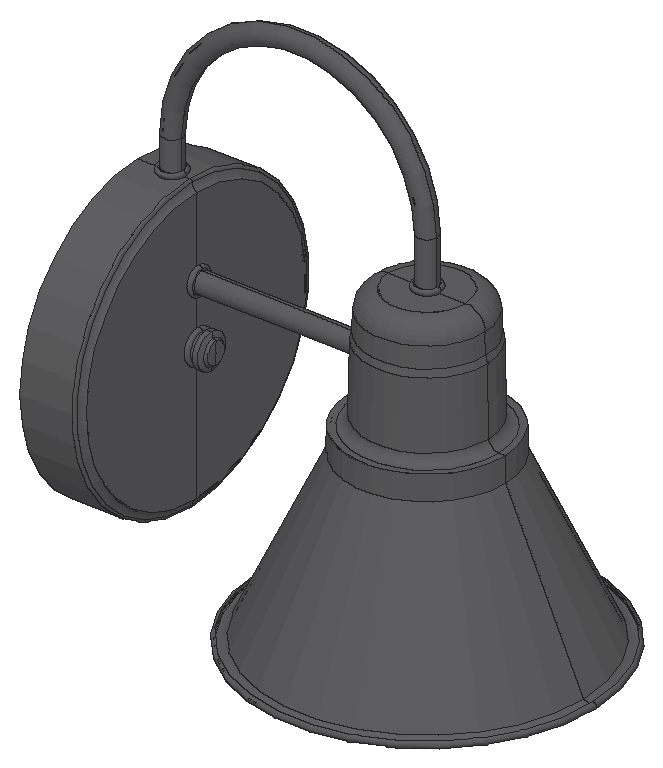
Revit family "Mini Wall Mount 1927 -8 LED", category Lighting Fixtures, Revit 2020
Family settings
  Round Connector Dimension = Use Diameter
  Part Type = Normal
  OmniClass Number = 23.80.70.00
  OmniClass Title = Lighting
  Work Plane-Based = No
  Always vertical = Yes
  Cut with Voids When Loaded = No
  Light Source = Yes
  Shared = No
  Room Calculation Point = No
Parameters (values of type "WM1927")
  Weight = "4.0 lbs"
  Wattage Comments = "9W"
  Wattage = 0.68 W
  Warranty = "5 year limited warranty"  # constant formula
  WM1927 = yes
  built-in parameter 1150110 = 1 (stored number, unit not read)
  Voltage = 277 V
  URL = "https://www.anplighting.com/assets/Uploads/product-attachments/specification-sheets/ANP-Specification-Sheet-RLM-LED-WM1927.pdf"
  built-in parameter 1114217 = 1 (stored number, unit not read)
  Tilt Angle = 90.00°
  built-in parameter 1150109 = 1 (stored number, unit not read)
  built-in parameter 1150134 = 12
  built-in parameter 1150113 = 1 (stored number, unit not read)
  Power Factor = 1
  Placement X axis side [instance] = 0' - 7 3/8"  # constant formula
  Photometric Web File = "generic.ies"
  Model = "WM1927"
  Manufacturer = "ANP Lighting"  # constant formula
  built-in parameter 1150105 = 67.641 (stored number, unit not read)
  Lumens = 850 lm
  built-in parameter 1150115 = 1 (stored number, unit not read)
  Load Classification = Lighting
  Light Source Height [instance] = 0' - 4 11/16"  # constant formula
  built-in parameter 1150137 = (empty or 0)
  built-in parameter 1150139 = (empty or 0)
  Light Elevation _2 [instance] = 0' - 1 137/256"  # constant formula
  Light Elevation _1 [instance] = 0' - 0 7/8"  # constant formula
  Light Elevation [instance] = 0' - 0"  # constant formula
  built-in parameter 1150112 = 1 (stored number, unit not read)
  built-in parameter 1150114 = 1 (stored number, unit not read)
  Lamp = "LED"
  built-in parameter 1150132 = 2
  built-in parameter 1150102 = (empty or 0)
  built-in parameter 1150107 = 4000 (stored number, unit not read)
  built-in parameter 1150138 = (empty or 0)
  built-in parameter 1150106 = 0.67641 (stored number, unit not read)
  INSIDE BODY = INSIDE BODY
  Fixture Height = 1' - 0 7/8"
  Fixture Diameter = 0' - 11 3/4"
  built-in parameter 1150104 = 116.13 (stored number, unit not read)
  Dimming Lamp Color Temperature Shift = <None>
  Description = "120-277 Voltage"  # constant formula
  Default Elevation = 0' - 0"
  Construction Material = "Heavy Duty spun aluminum."  # constant formula
  Color Filter = 16777215
  Bulb = Bulb
  Body Material = body
  Body Colour = "Spun aluminium"  # constant formula
  built-in parameter 1114218 = 1 (stored number, unit not read)
  built-in parameter 1150133 = 10 (stored number, unit not read)
  Apparent Load = 9 VA
Reference planes (in)
  plane 1 "Light Source Axis (F/B)": y = 0
  plane 2: z = 0
  plane 3 "Light Source Axis (L/R)": x = 0
  plane 4 "Light Source Elevation": z = 0
  plane 5: z = 0
  plane 6: x = 7.375
  plane 7 "Bulb Position": z = -1.53516
  plane 8 "Canopy Position": z = -0.875
  plane 9 "IES": z = -6.22266
Dimensions and locks (in)
  "Light Elevation": plane 5 to plane 2
  "Placement X axis side": plane 6 to plane 3 "Light Source Axis (L/R)"
  "Light Elevation _2": plane 5 to plane 7 "Bulb Position"
  "Light Elevation _1": plane 5 to plane 8 "Canopy Position"
  "Light Source Height": plane 7 "Bulb Position" to plane 9 "IES"
  locked: plane 4 "Light Source Elevation" to plane 2
  aligned and locked: level to plane 2
  aligned and locked: imposter light to plane 9 "IES"
  aligned and locked: plane 6 to imposter light
  aligned and locked: plane 5 to nested 1
  aligned and locked: plane 3 "Light Source Axis (L/R)" to nested 1
Nested families (in)
  nested 1: "WM1927" at (0, 0, -12.5502) x (-1, 0, 0) z (0, 0, 1), visible <- "WM1927", type "WM1927"
Definition of nested family "WM1927"
  Parameters (values of type "WM1927")
    WM1927 = none
    WM1925 = yes
    Default Elevation = 0' - 0"
  Reference planes (in)
    plane 1 "Center (Front/Back)": y = 0
    plane 2: z = 0
    plane 3 "Center (Left/Right)": x = 0
  Forms (in)
    Revolve 1, solid, material <- "WM1927", visible <- "WM1925"
      sketch origin (0, 0, 0) x (1, 0, 0) y (0, 0, 1)
        loop
          arc (-8.35961, 12.2377) -> (-8.7073, 12.09703) -> (-8.85934, 11.75417) r 0.5
          line (-8.85934, 11.75417) -> (-8.87635, 11.2377) -> (-8.92323, 11.0502) -> (-8.95276, 9.35834)
          arc (-8.95276, 9.35834) -> (-9.0275, 9.18439) -> (-9.20272, 9.1127) r 0.25
          line (-9.20272, 9.1127) -> (-9.37635, 9.1127) -> (-9.38726, 8.4877) -> (-11.37635, 4.26895)
          arc (-11.37635, 4.26895) -> (-11.48451, 4.19951) -> (-11.61073, 4.1752) r 0.33984
          arc (-11.61073, 4.1752) -> (-11.62635, 4.19083) -> (-11.61073, 4.20645) r 0.01562
          line (-11.61073, 4.20645) -> (-11.61073, 4.26895)
          arc (-11.61073, 4.26895) -> (-11.68885, 4.19083) -> (-11.61073, 4.1127) r 0.07812
          arc (-11.61073, 4.1127) -> (-11.45568, 4.14378) -> (-11.32458, 4.2322) r 0.40234
          line (-11.32458, 4.2322) -> (-9.32501, 8.47319) -> (-9.31494, 9.0502) -> (-9.20272, 9.0502)
          arc (-9.20272, 9.0502) -> (-8.98369, 9.13981) -> (-8.89027, 9.35725) r 0.3125
          line (-8.89027, 9.35725) -> (-8.86086, 11.04197) -> (-8.81411, 11.229) -> (-8.79687, 11.75211)
          arc (-8.79687, 11.75211) -> (-8.66384, 12.05211) -> (-8.35961, 12.1752) r 0.4375
          line (-8.35961, 12.1752) -> (-7.60961, 12.1752) -> (-7.60961, 12.2377) -> (-8.35961, 12.2377)
        axis (-7.37635, 4.1127) -> (-7.37635, 12.2377)
      angle from 0 to 360
    Sweep 2, solid, material <- "WM1927", visible <- "WM1925"
      path in 3D
        loop
          line (-7.37635, 0, 12.2377) -> (-7.37635, 0, 13.4877)
          arc (-7.37635, 0, 13.4877) -> (-4.12635, 0, 16.7377) -> (-0.87635, 0, 13.4877) r 3.25
          line (-0.87635, 0, 13.4877) -> (-0.87635, 0, 12.2377)
      profile origin (-4.12635, 0, 16.7377) x (0, 0, 1) y (0, -1, 0)
        loop
          circle (0, 0) r 0.25
        loop
          circle (0, 0) r 0.1875
    Revolve 3, solid, material <- "WM1927", visible <- "WM1925"
      sketch origin (0, 0, 0) x (1, 0, 0) y (0, 0, 1)
        loop
          line (-5.6875, 10.6127) -> (-5.6875, 10.64797)
          arc (-5.6875, 10.64797) -> (-5.75, 10.71047) -> (-5.8125, 10.64797) r 0.0625
          line (-5.8125, 10.64797) -> (-5.8125, 10.5502) -> (-1.5, 10.5502) -> (-1.5, 10.64797)
          arc (-1.5, 10.64797) -> (-1.5625, 10.71047) -> (-1.625, 10.64797) r 0.0625
          line (-1.625, 10.64797) -> (-1.625, 10.6127) -> (-5.6875, 10.6127)
        axis (-1.5, 10.3627) -> (-5.8125, 10.3627)
      angle from 0 to 360
    Revolve 4, solid, material <- "WM1927", visible <- "WM1925"
      sketch origin (0, 0, 0) x (1, 0, 0) y (0, 0, 1)
        loop
          line (-1.5, 8.8627) -> (-1.4375, 8.8627) -> (-1.4375, 12.33006)
          arc (-1.4375, 12.33006) -> (-1.35282, 12.42766) -> (-1.31188, 12.5502) r 0.33157
          line (-1.31188, 12.5502) -> (0, 12.5502) -> (0, 12.6127) -> (-1.3125, 12.6127)
          arc (-1.3125, 12.6127) -> (-1.35669, 12.5944) -> (-1.375, 12.5502) r 0.0625
          arc (-1.375, 12.5502) -> (-1.41693, 12.44274) -> (-1.5, 12.3627) r 0.26907
          line (-1.5, 12.3627) -> (-1.5, 8.8627)
        axis (-1.5, 8.8627) -> (0, 8.8627)
      angle from 0 to 360
    Revolve 5, solid, material <- "WM1927", visible <- "WM1925"
      sketch origin (0, 0, 0) x (1, 0, 0) y (0, 0, 1)
        loop
          arc (-7.66162, 12.3627) -> (-7.72412, 12.3002) -> (-7.66162, 12.2377) r 0.0625
          line (-7.66162, 12.2377) -> (-7.37635, 12.2377) -> (-7.37635, 12.3627) -> (-7.66162, 12.3627)
        axis (-7.37635, 12.2377) -> (-7.37635, 12.3627)
      angle from 0 to 360
    Revolve 6, solid, material <- "WM1927", visible <- "WM1925"
      sketch origin (6.5, 0, 0.375) x (1, 0, 0) y (0, 0, 1)
        loop
          arc (-7.66162, 12.3627) -> (-7.72412, 12.3002) -> (-7.66162, 12.2377) r 0.0625
          line (-7.66162, 12.2377) -> (-7.37635, 12.2377) -> (-7.37635, 12.3627) -> (-7.66162, 12.3627)
        axis (-7.37635, 12.2377) -> (-7.37635, 12.3627)
      angle from 0 to 360
    Revolve 7, solid, material <- "WM1927", visible <- "WM1925"
      sketch origin (0, 0, 0) x (1, 0, 0) y (0, 0, 1)
        loop
          arc (-1.5, 9.23122) -> (-1.5625, 9.29372) -> (-1.625, 9.23122) r 0.0625
          arc (-1.625, 9.23122) -> (-1.71056, 9.22392) -> (-1.75, 9.3002) r 0.07725
          line (-1.75, 9.3002) -> (-1.8733, 9.3002) -> (-1.91899, 9.18282) -> (-1.98775, 9.13468) -> (-2, 8.8627) -> (-1.5, 8.8627) -> (-1.5, 9.23122)
        axis (-1.5, 8.8627) -> (-2, 8.8627)
      angle from 0 to 360
  Lines and regions (in)
    model lines, visible <- "WM1925"
      curve 1: line (-7.62635, 0, 12.3627) -> (-7.62635, 0, 13.4877)
      curve 2: arc (-7.62635, 0, 13.4877) -> (-4.12635, 0, 16.9877) -> (-0.62635, 0, 13.4877) r 3.5
      curve 3: line (-0.62635, 0, 13.4877) -> (-0.62635, 0, 12.7377)
    sketch lines
      curve 4: arc (-7.37635, 0, 13.4877) -> (-4.12635, 0, 16.7377) -> (-0.87635, 0, 13.4877) r 3.25
      curve 5: line (-7.37635, 0, 12.2377) -> (-7.37635, 0, 13.4877)
      curve 6: line (-0.87635, 0, 13.4877) -> (-0.87635, 0, 12.2377)
  Dimensions and locks (in)
    aligned and locked: plane 2 to level
